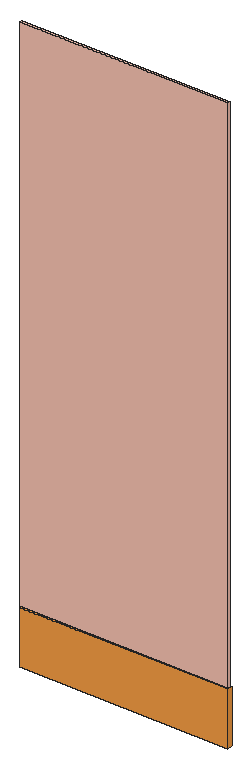
Revit family "EXP_WT-1B_CPan-008", category Curtain Panels, Revit 2021
Family settings
  OmniClass Number = 23.25.20.14.11.11.17
  OmniClass Title = Infill Panels
  Always vertical = Yes
  Cut with Voids When Loaded = No
  Shared = No
Parameters (values of type "H2 = 2'  4 1/2"")
  UI-UnitNumber [instance] = "001"
  UI-Quadrant [instance] = "SE"
  UI-ProjectAbbreviation = "NEU"
  UI-ItemCategory = "PID"
  UI-FloorNumber [instance] = "03"
  PNT-WallType = "WT1B"
  PNT-ProjectAbbreviation = "NEU"
  PNT-PanelType [instance] = "01"
  PNT-ItemCategory = "PNL"
  GlassSPH2(x2) [instance] = 0' - 2 3/16"
  GlassSPH1 [instance] = 0' - 1 1/8"
  GlassH2 [instance] = IG-4F(Glass)
  GlassH1 [instance] = IG-2F(Glass)
  Define Thermal Properties by = Schematic Type
  CellSp = 0' - 10 3/16"
  CellL [instance] = 8' - 10"
  CellH2 = 2' - 4 1/2"
  CellH1 [instance] = CellH - CellH2  # 22' - 0"
  CellH [instance] = 24' - 4 1/2"
  Analytic Construction = "<None>"
Types (2): name | CellH2 | CellH1
  H2 = 2'  4 1/2" | 2' - 4 1/2" | 22' - 0"
  H2 = 10'  4 1/2" | 10' - 4 1/2" | 14' - 0"
Reference planes (in)
  plane 1 "Center (Front/Back)": y = 0
  plane 2: z = 0
  plane 3 "Center (Left/Right)": x = 0
  plane 4 "Left": x = -53
  plane 5 "Right": x = 53
  plane 6 "Top": z = 292.5
  plane 7: z = 28.5
  plane 8: y = -10.1875
Forms (in)
  Extrusion 1, solid, material "IG-4F(Glass)" <- "GlassH2", detail levels coarse+medium
    sketch origin (0, 0, 0) x (0, 1, 0) y (0, 0, 1)
      loop
        line (-10.1875, 28.5) -> (-10.1875, 0) -> (0, 0) -> (0, 28.5) -> (-10.1875, 28.5)
    from -53 to 53
  Extrusion 2, solid, material "IG-2F(Glass)" <- "GlassH1", detail levels coarse+medium
    sketch origin (0, 0, 0) x (0, 1, 0) y (0, 0, 1)
      loop
        line (-10.1875, 292.5) -> (-10.1875, 28.5) -> (0, 28.5) -> (0, 292.5) -> (-10.1875, 292.5)
    from -53 to 53
Text (in)
  text "Exterior" at (-92.59733, 55.75508, 0), in view "Ref. Level"
  text "Exterior" at (0, 90.18664, 173.49264), in view "Left"
  text "Exterior" at (0, 52.29083, 162.21847), in view "Right"
Dimensions and locks (in)
  "CellH2": plane 2 to plane 7
  "CellH1": plane 7 to plane 6 "Top"
  Extrusion 2 sketch curve to Extrusion 2 sketch curve = 0' - 10 3/16"
  "CellL": plane 4 "Left" to plane 5 "Right"
  equal spacing: plane 4 "Left", plane 3 "Center (Left/Right)", plane 5 "Right"
  "CellH": plane 2 to plane 6 "Top"
  "CellSp": plane 8 to plane 1 "Center (Front/Back)"
  aligned and locked: level to plane 2
  aligned and locked: Extrusion 1 sketch curve to plane 7
  aligned and locked: plane 8 to Extrusion 1 sketch curve
  aligned and locked: level to Extrusion 1 sketch curve
  aligned and locked: plane 1 "Center (Front/Back)" to Extrusion 1 sketch curve
  aligned and locked: plane 4 "Left" to Extrusion 1
  aligned and locked: Extrusion 1 to plane 5 "Right"
  aligned and locked: plane 6 "Top" to Extrusion 2 sketch curve
  aligned and locked: plane 8 to Extrusion 2 sketch curve
  aligned and locked: Extrusion 2 to plane 5 "Right"
  aligned and locked: plane 4 "Left" to Extrusion 2
  aligned and locked: Extrusion 2 to plane 1 "Center (Front/Back)"
  aligned and locked: plane 5 "Right" to nested 1
  aligned and locked: plane 4 "Left" to nested 1
  aligned and locked: Extrusion 2 to plane 6 "Top"
  aligned and locked: Extrusion 1 to plane 2
  aligned and locked: nested 1 to plane 8
  aligned and locked: nested 2 to plane 4 "Left"
  aligned and locked: nested 2 to plane 5 "Right"
  aligned and locked: plane 8 to nested 2
  aligned and locked: plane 7 to nested 2
  aligned and locked: plane 2 to nested 2
  aligned and locked: nested 3 to plane 4 "Left"
  aligned and locked: nested 3 to plane 5 "Right"
  aligned and locked: plane 8 to nested 3
  aligned and locked: nested 3 to plane 6 "Top"
  aligned and locked: plane 7 to nested 3
Automatic sketch dimensions
  Extrusion 2 sketch curve to plane 7 = 0' - 0"
Nested families (in)
  nested 1: "EXP_xx_DetO-002" at (0, -10.1875, 0), CellH <- "CellH", CellL <- "CellL", type "EXP_xx_DetO-002", detail levels coarse
    with CellL 8' - 10", CellH 24' - 4 1/2"
  nested 2: "EXP_WT-1x_IG-001" at (0, -10.1875, 14.25) x (-1, 0, 0) z (0, 0, 1), GlassSP <- "GlassSPH2(x2)", MaterialGlass <- "GlassH2", type "GlassSP = H2(x2)"
    with MaterialGlass IG-4F(Glass), GlassSP 0' - 2 3/16", GlassL 8' - 8.12598", GlassH 2' - 2.56299", CellL 8' - 10", CellH 2' - 4 1/2"
  nested 3: "EXP_WT-1x_IG-001" at (0, -10.1875, 160.5) x (-1, 0, 0) z (0, 0, 1), GlassSP <- "GlassSPH1", MaterialGlass <- "GlassH1", type "GlassSP = H1"
    with MaterialGlass IG-2F(Glass), GlassSP 0' - 1 1/8", GlassL 8' - 8.12549", GlassH 21' - 10 5/16", CellL 8' - 10", CellH 22' - 0"
Definition of nested family "EXP_WT-1x_IG-001"
  Parameters (values of type "H2 _ GlassSP = 1 1/4"")
    MaterialGlass [instance] = none
    GlassSP [instance] = 0' - 1 1/4"
    GlassL [instance] = CellL - (GlassD1 + GlassD3)  # 3' - 10.94439"
    GlassH [instance] = CellH - (GlassD2 + GlassD4)  # 6' - 6.64788"
    GlassD4 = 0' - 1.43701"
    GlassD3 = 0' - 0.93701"
    GlassD2 = 0' - 0 1/2"
    GlassD1 = 0' - 0 15/16"
    GMPI-ProjectAbbreviation = "NEU"
    GMPI-IteamCategory = "GLS"
    Default Elevation = 0' - 0"
    CellL [instance] = 4' - 0.8189"
    CellH [instance] = 6' - 8.58489"
  Types (12): name | GlassSP | GlassL | GlassH | GlassD4 | GlassD2 | GlassD1
    H2(x2) _ GlassSP = 2 1/8" | 0' - 2.12598" | 3' - 10.94488" | 6' - 6.64788" | 0' - 1.43701" | 0' - 0 1/2" | 0' - 0.93701"
    H1 _ GlassSP = 1 1/4" | 0' - 1 1/4" | 3' - 10.94439" | 6' - 6.89739" | 0' - 0 1/4" | 0' - 1 7/16" | 0' - 0 15/16"
    H2(x3) _ GlassSP = 2 1/8" | 0' - 2.12598" | 3' - 10.94488" | 6' - 7.83489" | 0' - 0 1/4" | 0' - 0 1/2" | 0' - 0.93701"
    H3 _ GlassSP = 1 1/4" | 0' - 1 1/4" | 3' - 10.94439" | 6' - 6.64788" | 0' - 1.43701" | 0' - 0 1/2" | 0' - 0 15/16"
    H _ GlassSP = 2 1/8" | 0' - 2.12598" | 3' - 10.94488" | 6' - 5.71088" | 0' - 1.43701" | 0' - 1.43701" | 0' - 0.93701"
    H _ GlassSP = 1 1/4" | 0' - 1 1/4" | 3' - 10.94439" | 6' - 5.71088" | 0' - 1.43701" | 0' - 1.43701" | 0' - 0 15/16"
    H2 _ GlassSP = 1 1/4" | 0' - 1 1/4" | 3' - 10.94439" | 6' - 6.64788" | 0' - 1.43701" | 0' - 0 1/2" | 0' - 0 15/16"
    GlassSP = H | 0' - 1 1/4" | 3' - 10.94439" | 6' - 5.71088" | 0' - 1.43701" | 0' - 1.43701" | 0' - 0 15/16"
    GlassSP = H3 | 0' - 1 1/4" | 3' - 10.94439" | 6' - 6.64788" | 0' - 1.43701" | 0' - 0 1/2" | 0' - 0 15/16"
    GlassSP = H2(x3) | 0' - 2.12598" | 3' - 10.94488" | 6' - 7.83489" | 0' - 0 1/4" | 0' - 0 1/2" | 0' - 0.93701"
    GlassSP = H2(x2) | 0' - 2.12598" | 3' - 10.94488" | 6' - 6.64788" | 0' - 1.43701" | 0' - 0 1/2" | 0' - 0.93701"
    GlassSP = H1 | 0' - 1 1/4" | 3' - 10.94439" | 6' - 6.89739" | 0' - 0 1/4" | 0' - 1 7/16" | 0' - 0 15/16"
  Reference planes (in)
    plane 1 "Center (Front/Back)": y = 0
    plane 2: z = 0
    plane 3 "Center (Left/Right)": x = 0
    plane 4: x = -24.40945
    plane 5: x = 24.40945
    plane 6: z = 40.29245
    plane 7: x = -23.47195
    plane 8: x = 23.47244
    plane 9: z = -40.29245
    plane 10: z = 39.79245
    plane 11: z = -38.85544
  Forms (in)
    Extrusion 1, solid, material <- "MaterialGlass"
      sketch origin (0, 0, 0) x (1, 0, 0) y (0, 0, 1)
        loop
          line (-23.47195, -38.85544) -> (23.47244, -38.85544) -> (23.47244, 39.79245) -> (-23.47195, 39.79245) -> (-23.47195, -38.85544)
      from 0 to 1.25 <- "GlassSP"
  Dimensions and locks (in)
    equal spacing: plane 6, level, plane 9
    "CellH": plane 6 to plane 9
    "GlassD2": plane 6 to plane 10
    "GlassD4": plane 11 to plane 9
    equal spacing: plane 4, plane 3 "Center (Left/Right)", plane 5
    "CellL": plane 4 to plane 5
    "GlassD1": plane 4 to plane 7
    "GlassD3": plane 5 to plane 8
    aligned and locked: level to plane 2
    aligned and locked: Extrusion 1 sketch curve to plane 11
    aligned and locked: Extrusion 1 sketch curve to plane 7
    aligned and locked: plane 10 to Extrusion 1 sketch curve
    aligned and locked: plane 8 to Extrusion 1 sketch curve
Definition of nested family "EXP_xx_DetO-002"
  Parameters (values of type "EXP_xx_DetO-002")
    Default Elevation = 0' - 0"
    CellL [instance] = 5' - 4.56693"
    CellH [instance] = 5' - 2.99213"
  Reference planes (in)
    plane 1 "Center (Front/Back)": y = 0
    plane 2: z = 0
    plane 3 "Center (Left/Right)": x = 0
    plane 4: x = -32.28346
    plane 5: x = 32.28346
    plane 6: z = 62.99213
  Lines and regions (in)
    model lines
      curve 1: line (-32.28346, 0, 62.99213) -> (32.28346, 0, 0)
      curve 2: line (32.28346, 0, 62.99213) -> (-32.28346, 0, 0)
  Dimensions and locks (in)
    "CellH": plane 6 to level
    equal spacing: plane 4, plane 3 "Center (Left/Right)", plane 5
    "CellL": plane 4 to plane 5
    aligned and locked: level to plane 2
  Automatic sketch dimensions
    curve 2 to level = 0' - 0"
    plane 4 to curve 2 = 0' - 0"
    plane 4 to curve 1 = 0' - 0"
    plane 5 to curve 2 = 0' - 0"
    curve 1 to level = 0' - 0"
    plane 5 to curve 1 = 0' - 0"
    curve 2 to plane 6 = 0' - 0"
    curve 1 to plane 6 = 0' - 0"
